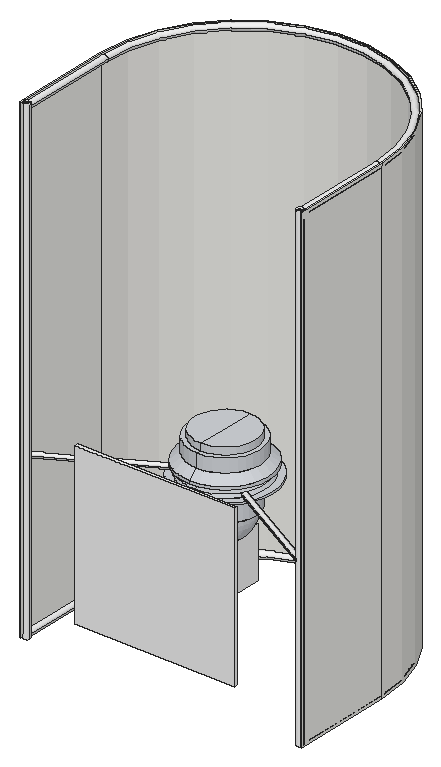
Revit family "Indoor_Wall Lamp_Santa&Cole_Singular", category Luminarias, Revit 2018
Family settings
  Cota de conector redondo = Diámetro de uso
  Tipo de pieza = Normal
  Número OmniClass = 23.80.70.00
  Título OmniClass = Lighting
  Se basa en plano de trabajo = Sí
  Siempre vertical = Sí
  Corte con vacíos al cargar = No
  Origen de luz = Sí
  Compartido = No
  Punto de cálculo de habitación = No
Parameters (values of type "Singular")
  Voltaje (90-305 V) = 220 V
  Wattage = 3.16409 W
  URL = "https://www.santacole.com/en/catalogue/wall-lamps/singular"
  Technical Information = "https://www.santacole.com/recursos/productos/downloads/pdf_espec_tecnicas/singular_technical_information.pdf"
  built-in parameter 1150110 = 1 (stored number, unit not read)
  Modelo = "Singular"
  Manufacturer website = "https://www.santacole.com"
  built-in parameter 1114217 = 1 (stored number, unit not read)
  built-in parameter 1150109 = 1 (stored number, unit not read)
  Fabricante = "Santa & Cole"
  Energy Label = "https://www.santacole.com/recursos/productos/downloads/pdf_energy_label/Energy%20Label_SINGULAR_without_bulb.pdf"
  Default Elevation = 1219.2 mm
  Designed by = "Miguel Milá. 2000"
  Contact phone = "+34.938.619.100"
  Contact e-mail = "info@santacole.com"
  built-in parameter 1150134 = (empty or 0)
  built-in parameter 1150113 = 1 (stored number, unit not read)
  Lumens = 470 lm
  built-in parameter 1150115 = 1 (stored number, unit not read)
  built-in parameter 1150105 = 37.401 (stored number, unit not read)
  Tamaño de símbolo de origen de luz = 50 mm
  built-in parameter 1150137 = (empty or 0)
  built-in parameter 1150139 = (empty or 0)
  built-in parameter 1150112 = 1 (stored number, unit not read)
  built-in parameter 1150114 = 1 (stored number, unit not read)
  built-in parameter 1150132 = 2
  built-in parameter 1150102 = (empty or 0)
  built-in parameter 1150138 = (empty or 0)
  built-in parameter 1150107 = 2700 (stored number, unit not read)
  built-in parameter 1150106 = 0.37401 (stored number, unit not read)
  built-in parameter 1150104 = 13.8 (stored number, unit not read)
  Code = "COM01+SIN28"
  Carga aparente = 4.5 VA
  Dimming Lamp Color Temperature Shift = (empty or 0)
  Color Filter = 16777215
  built-in parameter 1114218 = 1 (stored number, unit not read)
  Assembly instructions - UL = "https://www.santacole.com/recursos/productos/downloads/pdf_montaje/Singular_im_UL.pdf"
  Assembly instructions - CE = "https://www.santacole.com/recursos/productos/downloads/pdf_montaje/Singular_im.pdf"
  built-in parameter 1150133 = 10 (stored number, unit not read)
Reference planes
  plane 1 "Eje de origen de luz (F/P)": y = 0
  plane 2: z = 0
  plane 3 "Eje de origen de luz (I/D)": x = 0
  plane 4 "Elevación de origen de luz": z = 153.1
  plane 5 "1": z = 102.5
Forms (mm)
  Blend 1, solid, not visible
    base sketch origin (36.867, 153.179, 1765.164) x (-0.551937, 0.833886, 0) y (-0.833886, -0.551937, 0)
      loop
        line (-50.966, 0.411) -> (-50.966, -0.489) -> (-50.043, -0.489) -> (-50.043, 0.411) -> (-50.966, 0.411)
    top sketch origin (36.867, 153.179, 1765.164) x (-0.551937, 0.833886, 0) y (-0.833886, -0.551937, 0)
      loop
        line (-47.638, 0.875) -> (-47.638, 1.775) -> (-48.561, 1.775) -> (-48.561, 0.875) -> (-47.638, 0.875)
    from -112.076 to -105.022
  Blend 2, solid, not visible
    base sketch origin (-50.305, 123.446, 1917.584) x (0.96363, 0.267238, 0) y (-0.267238, 0.96363, 0)
      loop
        line (-50.966, 0.411) -> (-50.966, -0.489) -> (-50.043, -0.489) -> (-50.043, 0.411) -> (-50.966, 0.411)
    top sketch origin (-50.305, 123.446, 1917.584) x (0.96363, 0.267238, 0) y (-0.267238, 0.96363, 0)
      loop
        line (-47.638, 0.875) -> (-47.638, 1.775) -> (-48.561, 1.775) -> (-48.561, 0.875) -> (-47.638, 0.875)
    from -112.484 to -105.022
  Sweep 3, solid, not visible
    path origin (294.44, -207.288, 170.345) x (0, -1, 0) y (0, 0, 1)
      loop
        line (-293, 1511.9) -> (-278.776, 1511.9) -> (-221.503, 1484.838)
    profile origin (294.44, 78.6, 1682.245) x (0, 0, 1) y (-1, 0, 0)
      loop
        circle (-1, 330.796) r 1
  Extrusion 4, solid, material "Santa & Cole - Chrome Metal"
    sketch origin (0, 0, 0) x (0, 1, 0) y (0, 0, 1)
      loop
        line (2, 123.1) -> (0, 123.1) -> (0, 23.1) -> (2, 23.1) -> (2, 123.1)
    from -50 to 50
  Extrusion 5, solid, material "Santa & Cole - Chrome Metal"
    sketch origin (0, 0, 0) x (0, 1, 0) y (0, 0, 1)
      loop
        line (71, 68.1) -> (2, 68.1) -> (2, 36.1) -> (71, 36.1) -> (71, 68.1)
    from -7.5 to 7.5
  Sweep 6, solid, material "Santa & Cole - Chrome Metal"
    path origin (0, 0, 102.5) x (0, 1, 0) y (-1, 0, 0)
      loop
        line (43.58, 23.406) -> (9.287, 84.49)
    profile origin (-53.948, 26.434, 102.5) x (0.489535, -0.871984, 0) y (0, 0, 1)
      loop
        circle (1.5, 0) r 1.5
  Sweep 7, solid, material "Santa & Cole - Chrome Metal"
    path origin (0, 0, 102.5) x (0, 1, 0) y (1, 0, 0)
      loop
        line (43.58, 23.406) -> (9.287, 84.49)
    profile origin (53.948, 26.434, 102.5) x (0.489535, 0.871984, 0) y (0, 0, 1)
      loop
        circle (-1.5, 0) r 1.5
  Revolve 8, solid
    sketch origin (0, 0, 0) x (0, 1, 0) y (0, 0, 1)
      loop
        line (74, 126.1) -> (55, 126.1) -> (55, 68.1) -> (65.35, 68.1)
        arc (65.35, 68.1) -> (70.507, 74.55) -> (72.35, 82.6) r 18.531
        line (72.35, 82.6) -> (74, 83.7) -> (74, 101.8) -> (78.75, 101.8) -> (79.789, 100) -> (85, 100) -> (85, 101) -> (80.367, 101) -> (79.327, 102.8) -> (74, 102.8) -> (74, 106.8) -> (82.5, 106.8) -> (82.5, 108.8) -> (77.1, 113.459) -> (77.1, 121.8) -> (74, 121.8) -> (74, 126.1)
      axis (55, 126.1) -> (55, 68.1)
    angle from 0 to 360
  Extrusion 9, solid, material "Santa & Cole - Chrome Metal"
    sketch origin (0, 0, 0) x (1, 0, 0) y (0, 1, 0)
      loop
        circle (-85.5, 7) r 2
      loop
        circle (85.5, 7) r 2
    from 0 to 300
  Sweep 10, solid, material "Santa & Cole - Chrome Metal"
    path origin (0, 0, 0) x (1, 0, 0) y (0, 1, 0)
      loop
        line (-85.5, 7) -> (-85.5, 67.5)
        arc (-85.5, 67.5) -> (0, 153) -> (85.5, 67.5) r 85.5
        line (85.5, 67.5) -> (85.5, 7)
    profile origin (0, 153, 0) x (0, 1, 0) y (0, 0, 1)
      loop
        circle (0.001, 298) r 2.001
      loop
        circle (0.001, 1.999) r 2.001
  Sweep 11, solid, material "Santa & Cole - White Linen"
    path origin (0, 0, 0) x (1, 0, 0) y (0, 1, 0)
      loop
        line (-87.8, 5) -> (-87.8, 67.5)
        arc (-87.8, 67.5) -> (0.002, 155.302) -> (87.803, 67.5) r 87.802
        line (87.803, 67.5) -> (87.803, 5)
    profile origin (0.002, 155.302, 0) x (0, 1, 0) y (0, 0, 1)
      loop
        line (-0.3, 0) -> (0.5, 0) -> (0.5, 300) -> (-0.3, 300) -> (-0.3, 0)
Dimensions and locks
  aligned and locked: plane 3 "Eje de origen de luz (I/D)" to imposter light
  aligned and locked: plane 4 "Elevación de origen de luz" to imposter light
  aligned and locked: level to plane 2
Connectors
  electrical at (0, 0, 73.1), driven by "Voltaje (90-305 V)", driven by "Carga aparente"
    settings: on Extrusion 4, index 1, voltage 220 V, apparent load 0 VA, apparent load phase1 4.5 VA, apparent load phase2 0 VA, apparent load phase3 0 VA, power factor 1, load classification "Iluminación", number of poles 1, system type 31, power factor state 1, is connector primary yes, connector utility no, sub classification motor no, connector description ""
